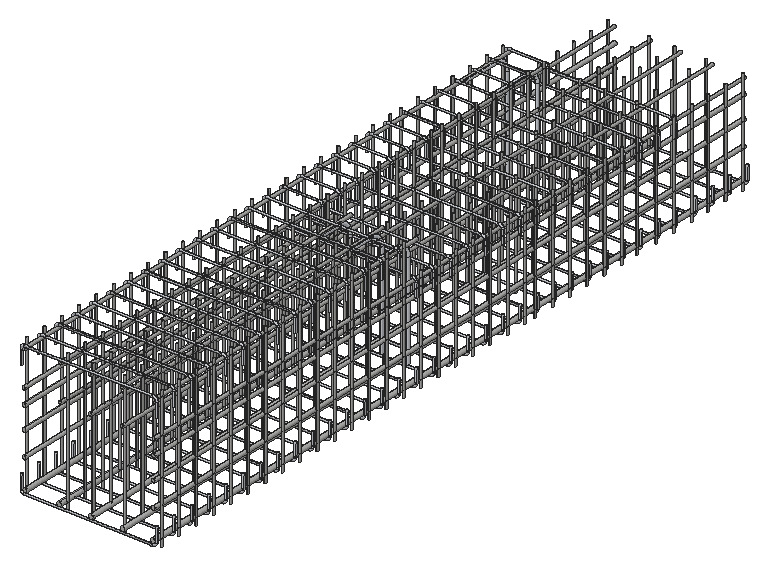
Revit family "261_Каркас пространственный КП4", category Обобщенные модели, Revit 2016 (continued)
Nested families
  nested 281: "361_Арматурная форма 3" at (505.477, 4500, 713.5) x (1, 0, 0) z (0, 1, 0), Орг.ИдентификацияЭлемента2 <- "Орг.ИдентификацияЭлемента2", Орг.ИдентификацияЭлемента1 <- "Орг.ИдентификацияЭлемента1", Орг.ИдентификацияЭлемента <- "Орг.ИдентификацияЭлемента", Мрк.МаркаКонструкции <- "Мрк.МаркаКонструкции", Мрк.МаркаИзделия3 <- "Мрк.МаркаИзделия3", Мрк.МаркаИзделия2 <- "Мрк.МаркаИзделия2", Мрк.МаркаИзделия1 <- "Мрк.МаркаИзделия1", Мрк.МаркаИзделия <- "Мрк.МаркаИзделия", Орг.УровеньТекстовый <- "Орг.УровеньТекстовый", Орг.ОбознчТома(Комплекта) <- "Орг.ОбознчТома(Комплекта)", Орг.НомерЛистаЭлемента <- "Орг.НомерЛистаЭлемента", type "Параметрический"
    with Рзм.РасчетныйРадиус 22 mm, Рзм.Длина 1166.311 mm, Рзм.Диаметр 12 mm, Орг.УровеньТекстовый "", Орг.ОбознчТома(Комплекта) "", Орг.НомерЛистаЭлемента "", Орг.ИзделиеТипПодсчета 2, Орг.ИдентификацияЭлемента2 "", Орг.ИдентификацияЭлемента1 "", Орг.ИдентификацияЭлемента "", Мсв.Количество 1, Мрк.Обозначение "ГОСТ 5781-82", Мрк.Наименование "Ø12 А240 ГОСТ 5781-82", Мрк.МаркаКонструкции "", Мрк.МаркаИзделия3 "", Мрк.МаркаИзделия2 "", Мрк.МаркаИзделия1 "", Мрк.МаркаИзделия "Каркас пространственный КП 4", Мрк.Марка "5", Арм.РазмерR 16 mm, Арм.РазмерJ 0 mm, Арм.РазмерG 0 mm, Арм.РазмерF 0 mm, Арм.РазмерE 0 mm, Арм.РазмерD 0 mm, Арм.РазмерC 120 mm, Арм.РазмерB 940.046 mm, Арм.РазмерA 120 mm, Арм.ПогМетрыВкл no, Арм.КоэфНахлеста 1, Арм.Класс 1240
  nested 282: "361_Арматурная форма 3" at (505.5, 4670, 38) x (1, 0, 0) z (0, 1, 0), Орг.ИдентификацияЭлемента2 <- "Орг.ИдентификацияЭлемента2", Орг.ИдентификацияЭлемента1 <- "Орг.ИдентификацияЭлемента1", Орг.ИдентификацияЭлемента <- "Орг.ИдентификацияЭлемента", Мрк.МаркаКонструкции <- "Мрк.МаркаКонструкции", Мрк.МаркаИзделия3 <- "Мрк.МаркаИзделия3", Мрк.МаркаИзделия2 <- "Мрк.МаркаИзделия2", Мрк.МаркаИзделия1 <- "Мрк.МаркаИзделия1", Мрк.МаркаИзделия <- "Мрк.МаркаИзделия", Орг.УровеньТекстовый <- "Орг.УровеньТекстовый", Орг.ОбознчТома(Комплекта) <- "Орг.ОбознчТома(Комплекта)", Орг.НомерЛистаЭлемента <- "Орг.НомерЛистаЭлемента", type "Параметрический"
    with Рзм.РасчетныйРадиус 22 mm, Рзм.Длина 1166.265 mm, Рзм.Диаметр 12 mm, Орг.УровеньТекстовый "", Орг.ОбознчТома(Комплекта) "", Орг.НомерЛистаЭлемента "", Орг.ИзделиеТипПодсчета 2, Орг.ИдентификацияЭлемента2 "", Орг.ИдентификацияЭлемента1 "", Орг.ИдентификацияЭлемента "", Мсв.Количество 1, Мрк.Обозначение "ГОСТ 5781-82", Мрк.Наименование "Ø12 А240 ГОСТ 5781-82", Мрк.МаркаКонструкции "", Мрк.МаркаИзделия3 "", Мрк.МаркаИзделия2 "", Мрк.МаркаИзделия1 "", Мрк.МаркаИзделия "Каркас пространственный КП 4", Мрк.Марка "5", Арм.РазмерR 16 mm, Арм.РазмерJ 0 mm, Арм.РазмерG 0 mm, Арм.РазмерF 0 mm, Арм.РазмерE 0 mm, Арм.РазмерD 0 mm, Арм.РазмерC 120 mm, Арм.РазмерB 940 mm, Арм.РазмерA 120 mm, Арм.ПогМетрыВкл no, Арм.КоэфНахлеста 1, Арм.Класс 1240
  nested 283: "361_Арматурная форма 3" at (180.454, 4200, 960) x (1, 0, 0) z (0, 1, 0), Орг.ИдентификацияЭлемента2 <- "Орг.ИдентификацияЭлемента2", Орг.ИдентификацияЭлемента1 <- "Орг.ИдентификацияЭлемента1", Орг.ИдентификацияЭлемента <- "Орг.ИдентификацияЭлемента", Мрк.МаркаКонструкции <- "Мрк.МаркаКонструкции", Мрк.МаркаИзделия3 <- "Мрк.МаркаИзделия3", Мрк.МаркаИзделия2 <- "Мрк.МаркаИзделия2", Мрк.МаркаИзделия1 <- "Мрк.МаркаИзделия1", Мрк.МаркаИзделия <- "Мрк.МаркаИзделия", Орг.УровеньТекстовый <- "Орг.УровеньТекстовый", Орг.ОбознчТома(Комплекта) <- "Орг.ОбознчТома(Комплекта)", Орг.НомерЛистаЭлемента <- "Орг.НомерЛистаЭлемента", type "Параметрический"
    with Рзм.РасчетныйРадиус 22 mm, Рзм.Длина 516.265 mm, Рзм.Диаметр 12 mm, Орг.УровеньТекстовый "", Орг.ОбознчТома(Комплекта) "", Орг.НомерЛистаЭлемента "", Орг.ИзделиеТипПодсчета 2, Орг.ИдентификацияЭлемента2 "", Орг.ИдентификацияЭлемента1 "", Орг.ИдентификацияЭлемента "", Мсв.Количество 1, Мрк.Обозначение "ГОСТ 5781-82", Мрк.Наименование "Ø12 А240 ГОСТ 5781-82", Мрк.МаркаКонструкции "", Мрк.МаркаИзделия3 "", Мрк.МаркаИзделия2 "", Мрк.МаркаИзделия1 "", Мрк.МаркаИзделия "Каркас пространственный КП 4", Мрк.Марка "6", Арм.РазмерR 16 mm, Арм.РазмерJ 0 mm, Арм.РазмерG 0 mm, Арм.РазмерF 0 mm, Арм.РазмерE 0 mm, Арм.РазмерD 0 mm, Арм.РазмерC 120 mm, Арм.РазмерB 290 mm, Арм.РазмерA 120 mm, Арм.ПогМетрыВкл no, Арм.КоэфНахлеста 1, Арм.Класс 1240
  nested 284: "361_Арматурная форма 3" at (505.5, 4820, 38) x (1, 0, 0) z (0, 1, 0), Орг.ИдентификацияЭлемента2 <- "Орг.ИдентификацияЭлемента2", Орг.ИдентификацияЭлемента1 <- "Орг.ИдентификацияЭлемента1", Орг.ИдентификацияЭлемента <- "Орг.ИдентификацияЭлемента", Мрк.МаркаКонструкции <- "Мрк.МаркаКонструкции", Мрк.МаркаИзделия3 <- "Мрк.МаркаИзделия3", Мрк.МаркаИзделия2 <- "Мрк.МаркаИзделия2", Мрк.МаркаИзделия1 <- "Мрк.МаркаИзделия1", Мрк.МаркаИзделия <- "Мрк.МаркаИзделия", Орг.УровеньТекстовый <- "Орг.УровеньТекстовый", Орг.ОбознчТома(Комплекта) <- "Орг.ОбознчТома(Комплекта)", Орг.НомерЛистаЭлемента <- "Орг.НомерЛистаЭлемента", type "Параметрический"
    with Рзм.РасчетныйРадиус 22 mm, Рзм.Длина 1166.265 mm, Рзм.Диаметр 12 mm, Орг.УровеньТекстовый "", Орг.ОбознчТома(Комплекта) "", Орг.НомерЛистаЭлемента "", Орг.ИзделиеТипПодсчета 2, Орг.ИдентификацияЭлемента2 "", Орг.ИдентификацияЭлемента1 "", Орг.ИдентификацияЭлемента "", Мсв.Количество 1, Мрк.Обозначение "ГОСТ 5781-82", Мрк.Наименование "Ø12 А240 ГОСТ 5781-82", Мрк.МаркаКонструкции "", Мрк.МаркаИзделия3 "", Мрк.МаркаИзделия2 "", Мрк.МаркаИзделия1 "", Мрк.МаркаИзделия "Каркас пространственный КП 4", Мрк.Марка "5", Арм.РазмерR 16 mm, Арм.РазмерJ 0 mm, Арм.РазмерG 0 mm, Арм.РазмерF 0 mm, Арм.РазмерE 0 mm, Арм.РазмерD 0 mm, Арм.РазмерC 120 mm, Арм.РазмерB 940 mm, Арм.РазмерA 120 mm, Арм.ПогМетрыВкл no, Арм.КоэфНахлеста 1, Арм.Класс 1240
  nested 285: "361_Арматурная форма 3" at (505.5, 4970, 38) x (1, 0, 0) z (0, 1, 0), Орг.ИдентификацияЭлемента2 <- "Орг.ИдентификацияЭлемента2", Орг.ИдентификацияЭлемента1 <- "Орг.ИдентификацияЭлемента1", Орг.ИдентификацияЭлемента <- "Орг.ИдентификацияЭлемента", Мрк.МаркаКонструкции <- "Мрк.МаркаКонструкции", Мрк.МаркаИзделия3 <- "Мрк.МаркаИзделия3", Мрк.МаркаИзделия2 <- "Мрк.МаркаИзделия2", Мрк.МаркаИзделия1 <- "Мрк.МаркаИзделия1", Мрк.МаркаИзделия <- "Мрк.МаркаИзделия", Орг.УровеньТекстовый <- "Орг.УровеньТекстовый", Орг.ОбознчТома(Комплекта) <- "Орг.ОбознчТома(Комплекта)", Орг.НомерЛистаЭлемента <- "Орг.НомерЛистаЭлемента", type "Параметрический"
    with Рзм.РасчетныйРадиус 22 mm, Рзм.Длина 1166.265 mm, Рзм.Диаметр 12 mm, Орг.УровеньТекстовый "", Орг.ОбознчТома(Комплекта) "", Орг.НомерЛистаЭлемента "", Орг.ИзделиеТипПодсчета 2, Орг.ИдентификацияЭлемента2 "", Орг.ИдентификацияЭлемента1 "", Орг.ИдентификацияЭлемента "", Мсв.Количество 1, Мрк.Обозначение "ГОСТ 5781-82", Мрк.Наименование "Ø12 А240 ГОСТ 5781-82", Мрк.МаркаКонструкции "", Мрк.МаркаИзделия3 "", Мрк.МаркаИзделия2 "", Мрк.МаркаИзделия1 "", Мрк.МаркаИзделия "Каркас пространственный КП 4", Мрк.Марка "5", Арм.РазмерR 16 mm, Арм.РазмерJ 0 mm, Арм.РазмерG 0 mm, Арм.РазмерF 0 mm, Арм.РазмерE 0 mm, Арм.РазмерD 0 mm, Арм.РазмерC 120 mm, Арм.РазмерB 940 mm, Арм.РазмерA 120 mm, Арм.ПогМетрыВкл no, Арм.КоэфНахлеста 1, Арм.Класс 1240
  nested 286: "361_Арматурная форма 3" at (505.5, 5120, 38) x (1, 0, 0) z (0, 1, 0), Орг.ИдентификацияЭлемента2 <- "Орг.ИдентификацияЭлемента2", Орг.ИдентификацияЭлемента1 <- "Орг.ИдентификацияЭлемента1", Орг.ИдентификацияЭлемента <- "Орг.ИдентификацияЭлемента", Мрк.МаркаКонструкции <- "Мрк.МаркаКонструкции", Мрк.МаркаИзделия3 <- "Мрк.МаркаИзделия3", Мрк.МаркаИзделия2 <- "Мрк.МаркаИзделия2", Мрк.МаркаИзделия1 <- "Мрк.МаркаИзделия1", Мрк.МаркаИзделия <- "Мрк.МаркаИзделия", Орг.УровеньТекстовый <- "Орг.УровеньТекстовый", Орг.ОбознчТома(Комплекта) <- "Орг.ОбознчТома(Комплекта)", Орг.НомерЛистаЭлемента <- "Орг.НомерЛистаЭлемента", type "Параметрический"
    with Рзм.РасчетныйРадиус 22 mm, Рзм.Длина 1166.265 mm, Рзм.Диаметр 12 mm, Орг.УровеньТекстовый "", Орг.ОбознчТома(Комплекта) "", Орг.НомерЛистаЭлемента "", Орг.ИзделиеТипПодсчета 2, Орг.ИдентификацияЭлемента2 "", Орг.ИдентификацияЭлемента1 "", Орг.ИдентификацияЭлемента "", Мсв.Количество 1, Мрк.Обозначение "ГОСТ 5781-82", Мрк.Наименование "Ø12 А240 ГОСТ 5781-82", Мрк.МаркаКонструкции "", Мрк.МаркаИзделия3 "", Мрк.МаркаИзделия2 "", Мрк.МаркаИзделия1 "", Мрк.МаркаИзделия "Каркас пространственный КП 4", Мрк.Марка "5", Арм.РазмерR 16 mm, Арм.РазмерJ 0 mm, Арм.РазмерG 0 mm, Арм.РазмерF 0 mm, Арм.РазмерE 0 mm, Арм.РазмерD 0 mm, Арм.РазмерC 120 mm, Арм.РазмерB 940 mm, Арм.РазмерA 120 mm, Арм.ПогМетрыВкл no, Арм.КоэфНахлеста 1, Арм.Класс 1240
Definition of nested family "361_Арматурная форма 1"
  Parameters (values of type "Параметрический")
    Рзм.Длина [instance] = Арм.РазмерA  # 495 mm
    Рзм.Диаметр [instance] = 10 mm
    Default Elevation = 100 mm
    Орг.УровеньТекстовый [instance] = ""
    Орг.ОбознчТома(Комплекта) [instance] = ""
    Орг.НомерЛистаЭлемента [instance] = ""
    Орг.ИзделиеТипПодсчета [instance] = 1
    Орг.ИдентификацияЭлемента1 [instance] = ""
    Орг.ИдентификацияЭлемента [instance] = ""
    Мсв.Количество = 1  # constant formula
    Мрк.Обозначение [instance] = if(Арм.Класс = 1240, "ГОСТ 5781-82", if(Арм.Класс = 1400, "ГОСТ 5781-82", if(Арм.Класс = 150019, " ГОСТ Р 52544-2006", if(Арм.Класс = 160019, " СТО АСЧМ 7-93", "Арматура не специфицирована"))))  # "ГОСТ 5781-82"
    Мрк.Наименование [instance] = if(and(Арм.Класс = 1240, Рзм.Диаметр = 6 mm), "Ø6 А240 ГОСТ 5781-82", if(and(Арм.Класс = 1240, Рзм.Диаметр = 8 mm), "Ø8 А240 ГОСТ 5781-82", if(and(Арм.Класс = 1240, Рзм.Диаметр = 10 mm), "Ø10 А240 ГОСТ 5781-82", if(and(Арм.Класс = 1240, Рзм.Диаметр = 12 mm), "Ø12 А240 ГОСТ 5781-82", if(and(Арм.Класс = 1240, Рзм.Диаметр = 14 mm), "Ø14 А240 ГОСТ 5781-82", if(and(Арм.Класс = 1240, Рзм.Диаметр = 16 mm), "Ø16 А240 ГОСТ 5781-82", if(and(Арм.Класс = 1240, Рзм.Диаметр = 18 mm), "Ø18 А240 ГОСТ 5781-82", if(and(Арм.Класс = 1240, Рзм.Диаметр = 20 mm), "Ø20 А240 ГОСТ 5781-82", if(and(Арм.Класс = 1400, Рзм.Диаметр = 6 mm), "Ø6 А400 ГОСТ 5781-82", if(and(Арм.Класс = 1400, Рзм.Диаметр = 8 mm), "Ø8 А400 ГОСТ 5781-82", if(and(Арм.Класс = 1400, Рзм.Диаметр = 10 mm), "Ø10 А400 ГОСТ 5781-82", if(and(Арм.Класс = 1400, Рзм.Диаметр = 12 mm), "Ø12 А400 ГОСТ 5781-82", if(and(Арм.Класс = 1400, Рзм.Диаметр = 14 mm), "Ø14 А400 ГОСТ 5781-82", if(and(Арм.Класс = 1400, Рзм.Диаметр = 16 mm), "Ø16 А400 ГОСТ 5781-82", if(and(Арм.Класс = 1400, Рзм.Диаметр = 18 mm), "Ø18 А400 ГОСТ 5781-82", if(and(Арм.Класс = 1400, Рзм.Диаметр = 20 mm), "Ø20 А400 ГОСТ 5781-82", if(and(Арм.Класс = 1400, Рзм.Диаметр = 22 mm), "Ø22 А400 ГОСТ 5781-82", if(and(Арм.Класс = 1400, Рзм.Диаметр = 25 mm), "Ø25 А400 ГОСТ 5781-82", if(and(Арм.Класс = 1400, Рзм.Диаметр = 28 mm), "Ø28 А400 ГОСТ 5781-82", if(and(Арм.Класс = 1400, Рзм.Диаметр = 32 mm), "Ø32 А400 ГОСТ 5781-82", if(and(Арм.Класс = 1400, Рзм.Диаметр = 36 mm), "Ø36 А400 ГОСТ 5781-82", if(and(Арм.Класс = 1400, Рзм.Диаметр = 40 mm), "Ø40 А400 ГОСТ 5781-82", if(and(Арм.Класс = 150019, Рзм.Диаметр = 10 mm), "Ø10 А500С ГОСТ Р 52544-2006", if(and(Арм.Класс = 150019, Рзм.Диаметр = 12 mm), "Ø12 А500С ГОСТ Р 52544-2006", if(and(Арм.Класс = 150019, Рзм.Диаметр = 14 mm), "Ø14 А500С ГОСТ Р 52544-2006", if(and(Арм.Класс = 150019, Рзм.Диаметр = 16 mm), "Ø16 А500С ГОСТ Р 52544-2006", if(and(Арм.Класс = 150019, Рзм.Диаметр = 18 mm), "Ø18 А500С ГОСТ Р 52544-2006", if(and(Арм.Класс = 150019, Рзм.Диаметр = 20 mm), "Ø20 А500С ГОСТ Р 52544-2006", if(and(Арм.Класс = 150019, Рзм.Диаметр = 22 mm), "Ø22 А500С ГОСТ Р 52544-2006", if(and(Арм.Класс = 150019, Рзм.Диаметр = 25 mm), "Ø25 А500С ГОСТ Р 52544-2006", if(and(Арм.Класс = 150019, Рзм.Диаметр = 28 mm), "Ø28 А500С ГОСТ Р 52544-2006", if(and(Арм.Класс = 150019, Рзм.Диаметр = 32 mm), "Ø32 А500С ГОСТ Р 52544-2006", if(and(Арм.Класс = 150019, Рзм.Диаметр = 36 mm), "Ø36 А500С ГОСТ Р 52544-2006", if(and(Арм.Класс = 150019, Рзм.Диаметр = 40 mm), "Ø40 А500С ГОСТ Р 52544-2006", if(and(Арм.Класс = 160019, Рзм.Диаметр = 10 mm), "Ø10 А600С СТО АСЧМ 7-93", if(and(Арм.Класс = 160019, Рзм.Диаметр = 12 mm), "Ø12 А600С СТО АСЧМ 7-93", if(and(Арм.Класс = 160019, Рзм.Диаметр = 14 mm), "Ø14 А600С СТО АСЧМ 7-93", if(and(Арм.Класс = 160019, Рзм.Диаметр = 16 mm), "Ø16 А600С СТО АСЧМ 7-93", if(and(Арм.Класс = 160019, Рзм.Диаметр = 18 mm), "Ø18 А600С СТО АСЧМ 7-93", if(and(Арм.Класс = 160019, Рзм.Диаметр = 20 mm), "Ø20 А600С СТО АСЧМ 7-93", if(and(Арм.Класс = 160019, Рзм.Диаметр = 22 mm), "Ø22 А600С СТО АСЧМ 7-93", if(and(Арм.Класс = 160019, Рзм.Диаметр = 25 mm), "Ø25 А600С СТО АСЧМ 7-93", if(and(Арм.Класс = 160019, Рзм.Диаметр = 28 mm), "Ø28 А600С СТО АСЧМ 7-93", if(and(Арм.Класс = 160019, Рзм.Диаметр = 32 mm), "Ø32 А600С СТО АСЧМ 7-93", if(and(Арм.Класс = 160019, Рзм.Диаметр = 36 mm), "Ø36 А600С СТО АСЧМ 7-93", if(and(Арм.Класс = 160019, Рзм.Диаметр = 40 mm), "Ø40 А600С СТО АСЧМ 7-93", "Арматура не специфицирована"))))))))))))))))))))))))))))))))))))))))))))))  # "Ø10 А240 ГОСТ 5781-82"
    Мрк.МаркаКонструкции [instance] = ""
    Мрк.МаркаИзделия3 [instance] = ""
    Мрк.МаркаИзделия2 [instance] = ""
    Мрк.МаркаИзделия1 [instance] = ""
    Мрк.МаркаИзделия [instance] = ""
    Мрк.Марка [instance] = ""
    Type Comments = ""
    Арм.РазмерR [instance] = 0 mm
    Арм.РазмерJ [instance] = 0 mm
    Арм.РазмерG [instance] = 0 mm
    Арм.РазмерF [instance] = 0 mm
    Арм.РазмерE [instance] = 0 mm
    Арм.РазмерD [instance] = 0 mm
    Арм.РазмерC [instance] = 0 mm
    Арм.РазмерB [instance] = 0 mm
    Арм.РазмерA [instance] = 495 mm
    Арм.ПогМетрыВкл [instance] = no
    Арм.КоэфНахлеста [instance] = 1
    Арм.Класс [instance] = 1240
    Арм.ВыполненаСемейством = 1 = 1  # yes
  Reference planes
    plane 1 "Вперед/Назад": y = 0
    plane 2 "Опорный уровень": z = 0
    plane 3: x = 0
    plane 4 "Правая": x = 247.5
    plane 5 "Левая": x = -247.5
  Forms (mm)
    Sweep 1, solid, detail levels medium+fine
      path origin (0, 0, 0) x (1, 0, 0) y (0, 1, 0)
        loop
          line (-247.5, 0) -> (247.5, 0)
      profile origin (0, 0, 0) x (0, 1, 0) y (0, 0, 1)
        loop
          circle (0, 0) r 5
  Dimensions and locks
    "Арм.РазмерA": plane 5 "Левая" to plane 4 "Правая"
    equal spacing: plane 5 "Левая", plane 3, plane 4 "Правая"
    "Рзм.Диаметр": diameter of Sweep 1 sketch curve
    aligned and locked: plane 4 "Правая" to Sweep 1 sketch curve
    aligned and locked: plane 1 "Вперед/Назад" to Sweep 1 sketch curve
    aligned and locked: plane 5 "Левая" to Sweep 1 sketch curve
  Automatic sketch dimensions
    Sweep 1 sketch curve to level = 0 mm
    Sweep 1 sketch curve to profile plane = 0 mm
  Nested families
    nested 1: "Разрез сетржня" at (0, 0, 0) x (0, -1, 0) z (1, 0, 0), type "Разрез сетржня", detail levels medium+fine
      with Диаметр 10 mm
  Definition of nested family "Разрез сетржня"
    Parameters (values of type "Разрез сетржня")
      Диаметр = 600 mm
    Reference planes
      plane 1 "По центру (Вперед/Назад)": y = 0
      plane 2: z = 0
      plane 3 "По центру (Влево/Вправо)": x = 0
    Lines and regions (mm)
      Filled region 1, type "Сплошная заливка - Черный", in view "Опорный уровень"
        outline origin (0, 0, 0) x (1, 0, 0) y (0, 1, 0)
          loop
            circle (0, 0) r 300
      detail lines, in view "Опорный уровень"
        curve 1: circle (0, 0, 0) r 300 normal (0, 0, 1)
    Dimensions and locks
      "Диаметр": diameter of curve 1
      aligned and locked: Filled region 1 sketch curve to curve 1
    Automatic sketch dimensions
      plane 1 "По центру (Вперед/Назад)" to curve 1 = 0 mm
      curve 1 to plane 3 "По центру (Влево/Вправо)" = 0 mm
Definition of nested family "361_Арматурная форма 2"
  Parameters (values of type "Параметрический")
    Рзм.РасчетныйРадиус [instance] = Арм.РазмерR + Рзм.Диаметр / 2  # 105 mm
    Рзм.Длина [instance] = Арм.РазмерA + Арм.РазмерB - 2 * (Арм.РазмерR * tan(90.00° / 2)) + ((Арм.РазмерR * pi() * 90.00°) / 180.00°)  # 972.08 mm
    Рзм.Диаметр [instance] = 10 mm
    Default Elevation = 1219.2 mm
    Орг.УровеньТекстовый [instance] = ""
    Орг.ОбознчТома(Комплекта) [instance] = ""
    Орг.НомерЛистаЭлемента [instance] = ""
    Орг.ИзделиеТипПодсчета [instance] = 0
    Орг.ИдентификацияЭлемента2 [instance] = ""
    Орг.ИдентификацияЭлемента1 [instance] = ""
    Орг.ИдентификацияЭлемента [instance] = ""
    Мсв.Количество [instance] = 1  # constant formula
    Мрк.Обозначение [instance] = if(Арм.Класс = 1240, "ГОСТ 5781-82", if(Арм.Класс = 1400, "ГОСТ 5781-82", if(Арм.Класс = 150019, " ГОСТ Р 52544-2006", if(Арм.Класс = 160019, " СТО АСЧМ 7-93", "Арматура не специфицирована"))))  # "ГОСТ 5781-82"
    Мрк.Наименование [instance] = if(and(Арм.Класс = 1240, Рзм.Диаметр = 6 mm), "Ø6 А240 ГОСТ 5781-82", if(and(Арм.Класс = 1240, Рзм.Диаметр = 8 mm), "Ø8 А240 ГОСТ 5781-82", if(and(Арм.Класс = 1240, Рзм.Диаметр = 10 mm), "Ø10 А240 ГОСТ 5781-82", if(and(Арм.Класс = 1240, Рзм.Диаметр = 12 mm), "Ø12 А240 ГОСТ 5781-82", if(and(Арм.Класс = 1240, Рзм.Диаметр = 14 mm), "Ø14 А240 ГОСТ 5781-82", if(and(Арм.Класс = 1240, Рзм.Диаметр = 16 mm), "Ø16 А240 ГОСТ 5781-82", if(and(Арм.Класс = 1240, Рзм.Диаметр = 18 mm), "Ø18 А240 ГОСТ 5781-82", if(and(Арм.Класс = 1240, Рзм.Диаметр = 20 mm), "Ø20 А240 ГОСТ 5781-82", if(and(Арм.Класс = 1400, Рзм.Диаметр = 6 mm), "Ø6 А400 ГОСТ 5781-82", if(and(Арм.Класс = 1400, Рзм.Диаметр = 8 mm), "Ø8 А400 ГОСТ 5781-82", if(and(Арм.Класс = 1400, Рзм.Диаметр = 10 mm), "Ø10 А400 ГОСТ 5781-82", if(and(Арм.Класс = 1400, Рзм.Диаметр = 12 mm), "Ø12 А400 ГОСТ 5781-82", if(and(Арм.Класс = 1400, Рзм.Диаметр = 14 mm), "Ø14 А400 ГОСТ 5781-82", if(and(Арм.Класс = 1400, Рзм.Диаметр = 16 mm), "Ø16 А400 ГОСТ 5781-82", if(and(Арм.Класс = 1400, Рзм.Диаметр = 18 mm), "Ø18 А400 ГОСТ 5781-82", if(and(Арм.Класс = 1400, Рзм.Диаметр = 20 mm), "Ø20 А400 ГОСТ 5781-82", if(and(Арм.Класс = 1400, Рзм.Диаметр = 22 mm), "Ø22 А400 ГОСТ 5781-82", if(and(Арм.Класс = 1400, Рзм.Диаметр = 25 mm), "Ø25 А400 ГОСТ 5781-82", if(and(Арм.Класс = 1400, Рзм.Диаметр = 28 mm), "Ø28 А400 ГОСТ 5781-82", if(and(Арм.Класс = 1400, Рзм.Диаметр = 32 mm), "Ø32 А400 ГОСТ 5781-82", if(and(Арм.Класс = 1400, Рзм.Диаметр = 36 mm), "Ø36 А400 ГОСТ 5781-82", if(and(Арм.Класс = 1400, Рзм.Диаметр = 40 mm), "Ø40 А400 ГОСТ 5781-82", if(and(Арм.Класс = 150019, Рзм.Диаметр = 10 mm), "Ø10 А500С ГОСТ Р 52544-2006", if(and(Арм.Класс = 150019, Рзм.Диаметр = 12 mm), "Ø12 А500С ГОСТ Р 52544-2006", if(and(Арм.Класс = 150019, Рзм.Диаметр = 14 mm), "Ø14 А500С ГОСТ Р 52544-2006", if(and(Арм.Класс = 150019, Рзм.Диаметр = 16 mm), "Ø16 А500С ГОСТ Р 52544-2006", if(and(Арм.Класс = 150019, Рзм.Диаметр = 18 mm), "Ø18 А500С ГОСТ Р 52544-2006", if(and(Арм.Класс = 150019, Рзм.Диаметр = 20 mm), "Ø20 А500С ГОСТ Р 52544-2006", if(and(Арм.Класс = 150019, Рзм.Диаметр = 22 mm), "Ø22 А500С ГОСТ Р 52544-2006", if(and(Арм.Класс = 150019, Рзм.Диаметр = 25 mm), "Ø25 А500С ГОСТ Р 52544-2006", if(and(Арм.Класс = 150019, Рзм.Диаметр = 28 mm), "Ø28 А500С ГОСТ Р 52544-2006", if(and(Арм.Класс = 150019, Рзм.Диаметр = 32 mm), "Ø32 А500С ГОСТ Р 52544-2006", if(and(Арм.Класс = 150019, Рзм.Диаметр = 36 mm), "Ø36 А500С ГОСТ Р 52544-2006", if(and(Арм.Класс = 150019, Рзм.Диаметр = 40 mm), "Ø40 А500С ГОСТ Р 52544-2006", if(and(Арм.Класс = 160019, Рзм.Диаметр = 10 mm), "Ø10 А600С СТО АСЧМ 7-93", if(and(Арм.Класс = 160019, Рзм.Диаметр = 12 mm), "Ø12 А600С СТО АСЧМ 7-93", if(and(Арм.Класс = 160019, Рзм.Диаметр = 14 mm), "Ø14 А600С СТО АСЧМ 7-93", if(and(Арм.Класс = 160019, Рзм.Диаметр = 16 mm), "Ø16 А600С СТО АСЧМ 7-93", if(and(Арм.Класс = 160019, Рзм.Диаметр = 18 mm), "Ø18 А600С СТО АСЧМ 7-93", if(and(Арм.Класс = 160019, Рзм.Диаметр = 20 mm), "Ø20 А600С СТО АСЧМ 7-93", if(and(Арм.Класс = 160019, Рзм.Диаметр = 22 mm), "Ø22 А600С СТО АСЧМ 7-93", if(and(Арм.Класс = 160019, Рзм.Диаметр = 25 mm), "Ø25 А600С СТО АСЧМ 7-93", if(and(Арм.Класс = 160019, Рзм.Диаметр = 28 mm), "Ø28 А600С СТО АСЧМ 7-93", if(and(Арм.Класс = 160019, Рзм.Диаметр = 32 mm), "Ø32 А600С СТО АСЧМ 7-93", if(and(Арм.Класс = 160019, Рзм.Диаметр = 36 mm), "Ø36 А600С СТО АСЧМ 7-93", if(and(Арм.Класс = 160019, Рзм.Диаметр = 40 mm), "Ø40 А600С СТО АСЧМ 7-93", "Арматура не специфицирована"))))))))))))))))))))))))))))))))))))))))))))))  # "Ø10 А240 ГОСТ 5781-82"
    Мрк.МаркаКонструкции [instance] = ""
    Мрк.МаркаИзделия3 [instance] = ""
    Мрк.МаркаИзделия2 [instance] = ""
    Мрк.МаркаИзделия1 [instance] = ""
    Мрк.МаркаИзделия [instance] = ""
    Мрк.Марка [instance] = ""
    Type Comments = ""
    Арм.ЭскизФормы = 0
    Арм.РазмерR [instance] = 100 mm
    Арм.РазмерJ [instance] = 0 mm
    Арм.РазмерG [instance] = 0 mm
    Арм.РазмерF [instance] = 0 mm
    Арм.РазмерE [instance] = 0 mm
    Арм.РазмерD [instance] = 0 mm
    Арм.РазмерC [instance] = 0 mm
    Арм.РазмерB [instance] = 520 mm
    Арм.РазмерA [instance] = 495 mm
    Арм.ПогМетрыВкл [instance] = no
    Арм.КоэфНахлеста [instance] = 1
    Арм.Класс [instance] = 1240
    Арм.ВыполненаСемейством = 1 = 1  # yes
  Reference planes
    plane 1 "Спереди": y = 0
    plane 2: z = 0
    plane 3 "Лево/Право": x = 0
    plane 4: x = 260
    plane 5: x = -260
    plane 6: y = -495
    plane 7: z = -5
    plane 8: z = 5
    plane 9: x = -265
    plane 10: x = -255
    plane 11: y = -5
    plane 12: y = 5
  Forms (mm)
    Sweep 1, solid, detail levels medium+fine
      path origin (0, 0, 0) x (1, 0, 0) y (0, 1, 0)
        loop
          line (-260, -495) -> (-260, -105)
          arc (-260, -105) -> (-229.246, -30.754) -> (-155, 0) r 105
          line (-155, 0) -> (260, 0)
      profile origin (-260, -300, 0) x (-1, 0, 0) y (0, 0, 1)
        loop
          circle (0, 0) r 5
  Dimensions and locks
    equal spacing: plane 5, plane 3 "Лево/Право", plane 4
    "Арм.РазмерA": plane 6 to plane 1 "Спереди"
    "Арм.РазмерB": plane 5 to plane 4
    equal spacing: plane 8, plane 2, plane 7
    "Рзм.Диаметр": plane 8 to plane 7
    equal spacing: plane 9, plane 5, plane 10
    "Рзм.Диаметр": plane 9 to plane 10
    equal spacing: plane 11, plane 1 "Спереди", plane 12
    "Рзм.Диаметр": plane 12 to plane 11
    "Рзм.Диаметр": diameter of Sweep 1 sketch curve
    "Рзм.РасчетныйРадиус": radius of Sweep 1 sketch curve
    aligned and locked: plane 6 to Sweep 1 sketch curve
    aligned and locked: plane 5 to nested 1
    aligned and locked: nested 1 to plane 2
    aligned and locked: plane 1 "Спереди" to nested 2
    aligned and locked: plane 2 to nested 2
    aligned and locked: plane 4 to Sweep 1 sketch curve
    aligned and locked: Sweep 1 sketch curve to plane 5
    aligned and locked: plane 1 "Спереди" to Sweep 1 sketch curve
  Automatic sketch dimensions
    Sweep 1 sketch curve to level = 0 mm
    Sweep 1 sketch curve to profile plane = 0 mm
  Nested families
    nested 1: "Разрез сетржня" at (-260, 0, 0) x (1, 0, 0) z (0, -1, 0), type "Разрез сетржня", detail levels medium+fine
      with Диаметр 10 mm
    nested 2: "Разрез сетржня" at (0, 0, 0) x (0, -1, 0) z (1, 0, 0), type "Разрез сетржня", detail levels medium+fine
      with Диаметр 10 mm
  Definition of nested family "Разрез сетржня"
    Parameters (values of type "Разрез сетржня")
      Диаметр = 600 mm
    Reference planes
      plane 1 "По центру (Вперед/Назад)": y = 0
      plane 2: z = 0
      plane 3 "По центру (Влево/Вправо)": x = 0
    Lines and regions (mm)
      Filled region 1, type "Сплошная заливка - Черный", in view "Опорный уровень"
        outline origin (0, 0, 0) x (1, 0, 0) y (0, 1, 0)
          loop
            circle (0, 0) r 300
      detail lines, in view "Опорный уровень"
        curve 1: circle (0, 0, 0) r 300 normal (0, 0, 1)
    Dimensions and locks
      "Диаметр": diameter of curve 1
      aligned and locked: Filled region 1 sketch curve to curve 1
    Automatic sketch dimensions
      plane 1 "По центру (Вперед/Назад)" to curve 1 = 0 mm
      curve 1 to plane 3 "По центру (Влево/Вправо)" = 0 mm
Definition of nested family "361_Арматурная форма 3"
  Parameters (values of type "Параметрический")
    Рзм.РасчетныйРадиус [instance] = Арм.РазмерR + Рзм.Диаметр / 2  # 105 mm
    Рзм.Длина [instance] = Арм.РазмерA + Арм.РазмерC + Арм.РазмерB - 4 * (Арм.РазмерR * tan(90.00° / 2)) + 2 * ((Арм.РазмерR * pi() * 90.00°) / 180.00°)  # 1929.159 mm
    Рзм.Диаметр [instance] = 10 mm
    Default Elevation = 100 mm
    Орг.УровеньТекстовый [instance] = ""
    Орг.ОбознчТома(Комплекта) [instance] = ""
    Орг.НомерЛистаЭлемента [instance] = ""
    Орг.ИзделиеТипПодсчета [instance] = 0
    Орг.ИдентификацияЭлемента2 [instance] = ""
    Орг.ИдентификацияЭлемента1 [instance] = ""
    Орг.ИдентификацияЭлемента [instance] = ""
    Мсв.Количество [instance] = 1  # constant formula
    Мрк.Обозначение [instance] = if(Арм.Класс = 1240, "ГОСТ 5781-82", if(Арм.Класс = 1400, "ГОСТ 5781-82", if(Арм.Класс = 150019, " ГОСТ Р 52544-2006", if(Арм.Класс = 160019, " СТО АСЧМ 7-93", "Арматура не специфицирована"))))  # "ГОСТ 5781-82"
    Мрк.Наименование [instance] = if(and(Арм.Класс = 1240, Рзм.Диаметр = 6 mm), "Ø6 А240 ГОСТ 5781-82", if(and(Арм.Класс = 1240, Рзм.Диаметр = 8 mm), "Ø8 А240 ГОСТ 5781-82", if(and(Арм.Класс = 1240, Рзм.Диаметр = 10 mm), "Ø10 А240 ГОСТ 5781-82", if(and(Арм.Класс = 1240, Рзм.Диаметр = 12 mm), "Ø12 А240 ГОСТ 5781-82", if(and(Арм.Класс = 1240, Рзм.Диаметр = 14 mm), "Ø14 А240 ГОСТ 5781-82", if(and(Арм.Класс = 1240, Рзм.Диаметр = 16 mm), "Ø16 А240 ГОСТ 5781-82", if(and(Арм.Класс = 1240, Рзм.Диаметр = 18 mm), "Ø18 А240 ГОСТ 5781-82", if(and(Арм.Класс = 1240, Рзм.Диаметр = 20 mm), "Ø20 А240 ГОСТ 5781-82", if(and(Арм.Класс = 1400, Рзм.Диаметр = 6 mm), "Ø6 А400 ГОСТ 5781-82", if(and(Арм.Класс = 1400, Рзм.Диаметр = 8 mm), "Ø8 А400 ГОСТ 5781-82", if(and(Арм.Класс = 1400, Рзм.Диаметр = 10 mm), "Ø10 А400 ГОСТ 5781-82", if(and(Арм.Класс = 1400, Рзм.Диаметр = 12 mm), "Ø12 А400 ГОСТ 5781-82", if(and(Арм.Класс = 1400, Рзм.Диаметр = 14 mm), "Ø14 А400 ГОСТ 5781-82", if(and(Арм.Класс = 1400, Рзм.Диаметр = 16 mm), "Ø16 А400 ГОСТ 5781-82", if(and(Арм.Класс = 1400, Рзм.Диаметр = 18 mm), "Ø18 А400 ГОСТ 5781-82", if(and(Арм.Класс = 1400, Рзм.Диаметр = 20 mm), "Ø20 А400 ГОСТ 5781-82", if(and(Арм.Класс = 1400, Рзм.Диаметр = 22 mm), "Ø22 А400 ГОСТ 5781-82", if(and(Арм.Класс = 1400, Рзм.Диаметр = 25 mm), "Ø25 А400 ГОСТ 5781-82", if(and(Арм.Класс = 1400, Рзм.Диаметр = 28 mm), "Ø28 А400 ГОСТ 5781-82", if(and(Арм.Класс = 1400, Рзм.Диаметр = 32 mm), "Ø32 А400 ГОСТ 5781-82", if(and(Арм.Класс = 1400, Рзм.Диаметр = 36 mm), "Ø36 А400 ГОСТ 5781-82", if(and(Арм.Класс = 1400, Рзм.Диаметр = 40 mm), "Ø40 А400 ГОСТ 5781-82", if(and(Арм.Класс = 150019, Рзм.Диаметр = 10 mm), "Ø10 А500С ГОСТ Р 52544-2006", if(and(Арм.Класс = 150019, Рзм.Диаметр = 12 mm), "Ø12 А500С ГОСТ Р 52544-2006", if(and(Арм.Класс = 150019, Рзм.Диаметр = 14 mm), "Ø14 А500С ГОСТ Р 52544-2006", if(and(Арм.Класс = 150019, Рзм.Диаметр = 16 mm), "Ø16 А500С ГОСТ Р 52544-2006", if(and(Арм.Класс = 150019, Рзм.Диаметр = 18 mm), "Ø18 А500С ГОСТ Р 52544-2006", if(and(Арм.Класс = 150019, Рзм.Диаметр = 20 mm), "Ø20 А500С ГОСТ Р 52544-2006", if(and(Арм.Класс = 150019, Рзм.Диаметр = 22 mm), "Ø22 А500С ГОСТ Р 52544-2006", if(and(Арм.Класс = 150019, Рзм.Диаметр = 25 mm), "Ø25 А500С ГОСТ Р 52544-2006", if(and(Арм.Класс = 150019, Рзм.Диаметр = 28 mm), "Ø28 А500С ГОСТ Р 52544-2006", if(and(Арм.Класс = 150019, Рзм.Диаметр = 32 mm), "Ø32 А500С ГОСТ Р 52544-2006", if(and(Арм.Класс = 150019, Рзм.Диаметр = 36 mm), "Ø36 А500С ГОСТ Р 52544-2006", if(and(Арм.Класс = 150019, Рзм.Диаметр = 40 mm), "Ø40 А500С ГОСТ Р 52544-2006", if(and(Арм.Класс = 160019, Рзм.Диаметр = 10 mm), "Ø10 А600С СТО АСЧМ 7-93", if(and(Арм.Класс = 160019, Рзм.Диаметр = 12 mm), "Ø12 А600С СТО АСЧМ 7-93", if(and(Арм.Класс = 160019, Рзм.Диаметр = 14 mm), "Ø14 А600С СТО АСЧМ 7-93", if(and(Арм.Класс = 160019, Рзм.Диаметр = 16 mm), "Ø16 А600С СТО АСЧМ 7-93", if(and(Арм.Класс = 160019, Рзм.Диаметр = 18 mm), "Ø18 А600С СТО АСЧМ 7-93", if(and(Арм.Класс = 160019, Рзм.Диаметр = 20 mm), "Ø20 А600С СТО АСЧМ 7-93", if(and(Арм.Класс = 160019, Рзм.Диаметр = 22 mm), "Ø22 А600С СТО АСЧМ 7-93", if(and(Арм.Класс = 160019, Рзм.Диаметр = 25 mm), "Ø25 А600С СТО АСЧМ 7-93", if(and(Арм.Класс = 160019, Рзм.Диаметр = 28 mm), "Ø28 А600С СТО АСЧМ 7-93", if(and(Арм.Класс = 160019, Рзм.Диаметр = 32 mm), "Ø32 А600С СТО АСЧМ 7-93", if(and(Арм.Класс = 160019, Рзм.Диаметр = 36 mm), "Ø36 А600С СТО АСЧМ 7-93", if(and(Арм.Класс = 160019, Рзм.Диаметр = 40 mm), "Ø40 А600С СТО АСЧМ 7-93", "Арматура не специфицирована"))))))))))))))))))))))))))))))))))))))))))))))  # "Ø10 А240 ГОСТ 5781-82"
    Мрк.МаркаКонструкции [instance] = ""
    Мрк.МаркаИзделия3 [instance] = ""
    Мрк.МаркаИзделия2 [instance] = ""
    Мрк.МаркаИзделия1 [instance] = ""
    Мрк.МаркаИзделия [instance] = ""
    Мрк.Марка [instance] = ""
    Type Comments = ""
    Арм.ЭскизФормы = 0
    Арм.РазмерR [instance] = 100 mm
    Арм.РазмерJ [instance] = 0 mm
    Арм.РазмерG [instance] = 0 mm
    Арм.РазмерF [instance] = 0 mm
    Арм.РазмерE [instance] = 0 mm
    Арм.РазмерD [instance] = 0 mm
    Арм.РазмерC [instance] = 1000 mm
    Арм.РазмерB [instance] = 520 mm
    Арм.РазмерA [instance] = 495 mm
    Арм.ПогМетрыВкл [instance] = no
    Арм.КоэфНахлеста [instance] = 1
    Арм.Класс [instance] = 1240
    Арм.ВыполненаСемейством = 1 = 1  # yes
  Reference planes
    plane 1 "Спереди": y = 0
    plane 2: z = 0
    plane 3 "Лево/Право": x = 0
    plane 4: x = 260
    plane 5: x = -260
    plane 6: y = -495
    plane 7: y = -1000
    plane 8: z = -5
    plane 9: z = 5
    plane 10: x = -265
    plane 11: x = -255
    plane 12: x = 255
    plane 13: x = 265
    plane 14: y = -5
    plane 15: y = 5
  Forms (mm)
    Sweep 1, solid, detail levels medium+fine
      path origin (0, 0, 0) x (1, 0, 0) y (0, 1, 0)
        loop
          line (-260, -495) -> (-260, -105)
          arc (-260, -105) -> (-229.246, -30.754) -> (-155, 0) r 105
          line (-155, 0) -> (155, 0)
          arc (155, 0) -> (229.246, -30.754) -> (260, -105) r 105
          line (260, -105) -> (260, -1000)
      profile origin (-260, -300, 0) x (-1, 0, 0) y (0, 0, 1)
        loop
          circle (0, 0) r 5
  Dimensions and locks
    equal spacing: plane 5, plane 3 "Лево/Право", plane 4
    "Арм.РазмерA": plane 6 to plane 1 "Спереди"
    "Арм.РазмерC": plane 7 to plane 1 "Спереди"
    "Арм.РазмерB": plane 5 to plane 4
    equal spacing: plane 9, plane 2, plane 8
    "Рзм.Диаметр": plane 9 to plane 8
    equal spacing: plane 10, plane 5, plane 11
    "Рзм.Диаметр": plane 10 to plane 11
    equal spacing: plane 12, plane 4, plane 13
    "Рзм.Диаметр": plane 12 to plane 13
    equal spacing: plane 14, plane 1 "Спереди", plane 15
    "Рзм.Диаметр": plane 15 to plane 14
    "Рзм.Диаметр": diameter of Sweep 1 sketch curve
    "Рзм.РасчетныйРадиус": radius of Sweep 1 sketch curve  (x2)
    aligned and locked: plane 6 to Sweep 1 sketch curve
    aligned and locked: plane 7 to Sweep 1 sketch curve
    aligned and locked: plane 5 to nested 1
    aligned and locked: nested 1 to plane 2
    aligned and locked: plane 4 to nested 2
    aligned and locked: nested 2 to plane 2
    aligned and locked: plane 1 "Спереди" to nested 3
    aligned and locked: plane 2 to nested 3
    aligned and locked: Sweep 1 sketch curve to plane 5
    aligned and locked: plane 1 "Спереди" to Sweep 1 sketch curve
    aligned and locked: Sweep 1 sketch curve to plane 4
  Automatic sketch dimensions
    Sweep 1 sketch curve to level = 0 mm
    Sweep 1 sketch curve to profile plane = 0 mm
  Nested families
    nested 1: "Разрез сетржня" at (-260, 0, 0) x (1, 0, 0) z (0, -1, 0), type "Разрез сетржня", detail levels medium+fine
      with Диаметр 10 mm
    nested 2: "Разрез сетржня" at (260, 0, 0) x (1, 0, 0) z (0, -1, 0), type "Разрез сетржня", detail levels medium+fine
      with Диаметр 10 mm
    nested 3: "Разрез сетржня" at (0, 0, 0) x (0, -1, 0) z (1, 0, 0), type "Разрез сетржня", detail levels medium+fine
      with Диаметр 10 mm
  Definition of nested family "Разрез сетржня"
    Parameters (values of type "Разрез сетржня")
      Диаметр = 600 mm
    Reference planes
      plane 1 "По центру (Вперед/Назад)": y = 0
      plane 2: z = 0
      plane 3 "По центру (Влево/Вправо)": x = 0
    Lines and regions (mm)
      Filled region 1, type "Сплошная заливка - Черный", in view "Опорный уровень"
        outline origin (0, 0, 0) x (1, 0, 0) y (0, 1, 0)
          loop
            circle (0, 0) r 300
      detail lines, in view "Опорный уровень"
        curve 1: circle (0, 0, 0) r 300 normal (0, 0, 1)
    Dimensions and locks
      "Диаметр": diameter of curve 1
      aligned and locked: Filled region 1 sketch curve to curve 1
    Automatic sketch dimensions
      plane 1 "По центру (Вперед/Назад)" to curve 1 = 0 mm
      curve 1 to plane 3 "По центру (Влево/Вправо)" = 0 mm
Definition of nested family "261_Каркас плоский КР 29"
  Parameters (values of type "261_Каркас плоский КР 29")
    Default Elevation = 1219.2 mm
    Орг.УровеньТекстовый [instance] = ""
    Орг.ОбознчТома(Комплекта) [instance] = ""
    Орг.НомерЛистаЭлемента [instance] = ""
    Орг.МассаИзделия = 0
    Орг.ИзделиеТипПодсчета [instance] = 0
    Орг.ИдентификацияЭлемента2 [instance] = ""
    Орг.ИдентификацияЭлемента1 [instance] = ""
    Орг.ИдентификацияЭлемента [instance] = ""
    Мрк.Обозначение [instance] = ""
    Мрк.Наименование [instance] = "Каркас плоский КР 29"
    Мрк.МаркаКонструкции [instance] = ""
    Мрк.МаркаИзделия3 [instance] = ""
    Мрк.МаркаИзделия2 [instance] = ""
    Мрк.МаркаИзделия1 [instance] = ""
    Мрк.МаркаИзделия [instance] = ""
    Мрк.Марка [instance] = "КР 29"
  Reference planes
    plane 1 "По центру (Вперед/Назад)": y = 0
    plane 2: z = 0
    plane 3 "По центру (Влево/Вправо)": x = 0
    plane 4: y = 1000
    plane 5: x = 5120
    plane 6 "Гнутый стержень": through (0, 940, 26) normal (0, 0.0074, 1)
  Dimensions and locks
    plane 3 "По центру (Влево/Вправо)" to plane 5 = 5120 mm
    plane 4 to plane 1 "По центру (Вперед/Назад)" = 1000 mm
    aligned and locked: level to plane 2
  Nested families
    nested 1: "361_Арматурная форма 1" at (45, 500, 0) x (0, 1, 0) z (0, 0, 1), Орг.ИдентификацияЭлемента1 <- "Орг.ИдентификацияЭлемента1", Орг.ИдентификацияЭлемента <- "Орг.ИдентификацияЭлемента", Мрк.МаркаКонструкции <- "Мрк.МаркаКонструкции", Мрк.МаркаИзделия3 <- "Мрк.МаркаИзделия3", Мрк.МаркаИзделия2 <- "Мрк.МаркаИзделия2", Мрк.МаркаИзделия1 <- "Мрк.МаркаИзделия1", Мрк.МаркаИзделия <- "Мрк.МаркаИзделия", Орг.УровеньТекстовый <- "Орг.УровеньТекстовый", Орг.ОбознчТома(Комплекта) <- "Орг.ОбознчТома(Комплекта)", Орг.НомерЛистаЭлемента <- "Орг.НомерЛистаЭлемента", type "Параметрический"
      with Рзм.Длина 970 mm, Рзм.Диаметр 12 mm, Орг.УровеньТекстовый "", Орг.ОбознчТома(Комплекта) "", Орг.НомерЛистаЭлемента "", Орг.ИзделиеТипПодсчета 2, Орг.ИдентификацияЭлемента1 "", Орг.ИдентификацияЭлемента "", Мрк.Обозначение "ГОСТ 5781-82", Мрк.Наименование "Ø12 А240 ГОСТ 5781-82", Мрк.МаркаКонструкции "", Мрк.МаркаИзделия3 "", Мрк.МаркаИзделия2 "", Мрк.МаркаИзделия1 "", Мрк.МаркаИзделия "", Мрк.Марка "6", Арм.РазмерR 0 mm, Арм.РазмерJ 0 mm, Арм.РазмерG 0 mm, Арм.РазмерF 0 mm, Арм.РазмерE 0 mm, Арм.РазмерD 0 mm, Арм.РазмерC 0 mm, Арм.РазмерB 0 mm, Арм.РазмерA 970 mm, Арм.ПогМетрыВкл no, Арм.КоэфНахлеста 1, Арм.Класс 1240
    nested 2: "361_Арматурная форма 2" at (4160, 560.084, 38.814) x (0, -1, 0.0074) z (0, 0.0074, 1), Орг.ИдентификацияЭлемента1 <- "Орг.ИдентификацияЭлемента1", Орг.ИдентификацияЭлемента <- "Орг.ИдентификацияЭлемента", Мрк.МаркаКонструкции <- "Мрк.МаркаКонструкции", Мрк.МаркаИзделия3 <- "Мрк.МаркаИзделия3", Мрк.МаркаИзделия2 <- "Мрк.МаркаИзделия2", Мрк.МаркаИзделия1 <- "Мрк.МаркаИзделия1", Мрк.МаркаИзделия <- "Мрк.МаркаИзделия", Орг.УровеньТекстовый <- "Орг.УровеньТекстовый", Орг.ОбознчТома(Комплекта) <- "Орг.ОбознчТома(Комплекта)", Орг.НомерЛистаЭлемента <- "Орг.НомерЛистаЭлемента", type "Параметрический"
      with Рзм.РасчетныйРадиус 90 mm, Рзм.Длина 1090.738 mm, Рзм.Диаметр 20 mm, Орг.УровеньТекстовый "", Орг.ОбознчТома(Комплекта) "", Орг.НомерЛистаЭлемента "", Орг.ИзделиеТипПодсчета 2, Орг.ИдентификацияЭлемента2 "", Орг.ИдентификацияЭлемента1 "", Орг.ИдентификацияЭлемента "", Мсв.Количество 1, Мрк.Обозначение "ГОСТ 5781-82", Мрк.Наименование "Ø20 А240 ГОСТ 5781-82", Мрк.МаркаКонструкции "", Мрк.МаркаИзделия3 "", Мрк.МаркаИзделия2 "", Мрк.МаркаИзделия1 "", Мрк.МаркаИзделия "", Мрк.Марка "8", Арм.РазмерR 80 mm, Арм.РазмерJ 0 mm, Арм.РазмерG 0 mm, Арм.РазмерF 0 mm, Арм.РазмерE 0 mm, Арм.РазмерD 0 mm, Арм.РазмерC 0 mm, Арм.РазмерB 760 mm, Арм.РазмерA 365.075 mm, Арм.ПогМетрыВкл no, Арм.КоэфНахлеста 1, Арм.Класс 1240
    nested 3: "361_Арматурная форма 1" at (195, 500, 0) x (0, 1, 0) z (0, 0, 1), Орг.ИдентификацияЭлемента1 <- "Орг.ИдентификацияЭлемента1", Орг.ИдентификацияЭлемента <- "Орг.ИдентификацияЭлемента", Мрк.МаркаКонструкции <- "Мрк.МаркаКонструкции", Мрк.МаркаИзделия3 <- "Мрк.МаркаИзделия3", Мрк.МаркаИзделия2 <- "Мрк.МаркаИзделия2", Мрк.МаркаИзделия1 <- "Мрк.МаркаИзделия1", Мрк.МаркаИзделия <- "Мрк.МаркаИзделия", Орг.УровеньТекстовый <- "Орг.УровеньТекстовый", Орг.ОбознчТома(Комплекта) <- "Орг.ОбознчТома(Комплекта)", Орг.НомерЛистаЭлемента <- "Орг.НомерЛистаЭлемента", type "Параметрический"
      with Рзм.Длина 970 mm, Рзм.Диаметр 12 mm, Орг.УровеньТекстовый "", Орг.ОбознчТома(Комплекта) "", Орг.НомерЛистаЭлемента "", Орг.ИзделиеТипПодсчета 2, Орг.ИдентификацияЭлемента1 "", Орг.ИдентификацияЭлемента "", Мрк.Обозначение "ГОСТ 5781-82", Мрк.Наименование "Ø12 А240 ГОСТ 5781-82", Мрк.МаркаКонструкции "", Мрк.МаркаИзделия3 "", Мрк.МаркаИзделия2 "", Мрк.МаркаИзделия1 "", Мрк.МаркаИзделия "", Мрк.Марка "6", Арм.РазмерR 0 mm, Арм.РазмерJ 0 mm, Арм.РазмерG 0 mm, Арм.РазмерF 0 mm, Арм.РазмерE 0 mm, Арм.РазмерD 0 mm, Арм.РазмерC 0 mm, Арм.РазмерB 0 mm, Арм.РазмерA 970 mm, Арм.ПогМетрыВкл no, Арм.КоэфНахлеста 1, Арм.Класс 1240
    nested 4: "361_Арматурная форма 1" at (345, 500, 0) x (0, 1, 0) z (0, 0, 1), Орг.ИдентификацияЭлемента1 <- "Орг.ИдентификацияЭлемента1", Орг.ИдентификацияЭлемента <- "Орг.ИдентификацияЭлемента", Мрк.МаркаКонструкции <- "Мрк.МаркаКонструкции", Мрк.МаркаИзделия3 <- "Мрк.МаркаИзделия3", Мрк.МаркаИзделия2 <- "Мрк.МаркаИзделия2", Мрк.МаркаИзделия1 <- "Мрк.МаркаИзделия1", Мрк.МаркаИзделия <- "Мрк.МаркаИзделия", Орг.УровеньТекстовый <- "Орг.УровеньТекстовый", Орг.ОбознчТома(Комплекта) <- "Орг.ОбознчТома(Комплекта)", Орг.НомерЛистаЭлемента <- "Орг.НомерЛистаЭлемента", type "Параметрический"
      with Рзм.Длина 970 mm, Рзм.Диаметр 12 mm, Орг.УровеньТекстовый "", Орг.ОбознчТома(Комплекта) "", Орг.НомерЛистаЭлемента "", Орг.ИзделиеТипПодсчета 2, Орг.ИдентификацияЭлемента1 "", Орг.ИдентификацияЭлемента "", Мрк.Обозначение "ГОСТ 5781-82", Мрк.Наименование "Ø12 А240 ГОСТ 5781-82", Мрк.МаркаКонструкции "", Мрк.МаркаИзделия3 "", Мрк.МаркаИзделия2 "", Мрк.МаркаИзделия1 "", Мрк.МаркаИзделия "", Мрк.Марка "6", Арм.РазмерR 0 mm, Арм.РазмерJ 0 mm, Арм.РазмерG 0 mm, Арм.РазмерF 0 mm, Арм.РазмерE 0 mm, Арм.РазмерD 0 mm, Арм.РазмерC 0 mm, Арм.РазмерB 0 mm, Арм.РазмерA 970 mm, Арм.ПогМетрыВкл no, Арм.КоэфНахлеста 1, Арм.Класс 1240
    nested 5: "361_Арматурная форма 1" at (495, 500, 0) x (0, 1, 0) z (0, 0, 1), Орг.ИдентификацияЭлемента1 <- "Орг.ИдентификацияЭлемента1", Орг.ИдентификацияЭлемента <- "Орг.ИдентификацияЭлемента", Мрк.МаркаКонструкции <- "Мрк.МаркаКонструкции", Мрк.МаркаИзделия3 <- "Мрк.МаркаИзделия3", Мрк.МаркаИзделия2 <- "Мрк.МаркаИзделия2", Мрк.МаркаИзделия1 <- "Мрк.МаркаИзделия1", Мрк.МаркаИзделия <- "Мрк.МаркаИзделия", Орг.УровеньТекстовый <- "Орг.УровеньТекстовый", Орг.ОбознчТома(Комплекта) <- "Орг.ОбознчТома(Комплекта)", Орг.НомерЛистаЭлемента <- "Орг.НомерЛистаЭлемента", type "Параметрический"
      with Рзм.Длина 970 mm, Рзм.Диаметр 12 mm, Орг.УровеньТекстовый "", Орг.ОбознчТома(Комплекта) "", Орг.НомерЛистаЭлемента "", Орг.ИзделиеТипПодсчета 2, Орг.ИдентификацияЭлемента1 "", Орг.ИдентификацияЭлемента "", Мрк.Обозначение "ГОСТ 5781-82", Мрк.Наименование "Ø12 А240 ГОСТ 5781-82", Мрк.МаркаКонструкции "", Мрк.МаркаИзделия3 "", Мрк.МаркаИзделия2 "", Мрк.МаркаИзделия1 "", Мрк.МаркаИзделия "", Мрк.Марка "6", Арм.РазмерR 0 mm, Арм.РазмерJ 0 mm, Арм.РазмерG 0 mm, Арм.РазмерF 0 mm, Арм.РазмерE 0 mm, Арм.РазмерD 0 mm, Арм.РазмерC 0 mm, Арм.РазмерB 0 mm, Арм.РазмерA 970 mm, Арм.ПогМетрыВкл no, Арм.КоэфНахлеста 1, Арм.Класс 1240
    nested 6: "361_Арматурная форма 1" at (645, 500, 0) x (0, 1, 0) z (0, 0, 1), Орг.ИдентификацияЭлемента1 <- "Орг.ИдентификацияЭлемента1", Орг.ИдентификацияЭлемента <- "Орг.ИдентификацияЭлемента", Мрк.МаркаКонструкции <- "Мрк.МаркаКонструкции", Мрк.МаркаИзделия3 <- "Мрк.МаркаИзделия3", Мрк.МаркаИзделия2 <- "Мрк.МаркаИзделия2", Мрк.МаркаИзделия1 <- "Мрк.МаркаИзделия1", Мрк.МаркаИзделия <- "Мрк.МаркаИзделия", Орг.УровеньТекстовый <- "Орг.УровеньТекстовый", Орг.ОбознчТома(Комплекта) <- "Орг.ОбознчТома(Комплекта)", Орг.НомерЛистаЭлемента <- "Орг.НомерЛистаЭлемента", type "Параметрический"
      with Рзм.Длина 970 mm, Рзм.Диаметр 12 mm, Орг.УровеньТекстовый "", Орг.ОбознчТома(Комплекта) "", Орг.НомерЛистаЭлемента "", Орг.ИзделиеТипПодсчета 2, Орг.ИдентификацияЭлемента1 "", Орг.ИдентификацияЭлемента "", Мрк.Обозначение "ГОСТ 5781-82", Мрк.Наименование "Ø12 А240 ГОСТ 5781-82", Мрк.МаркаКонструкции "", Мрк.МаркаИзделия3 "", Мрк.МаркаИзделия2 "", Мрк.МаркаИзделия1 "", Мрк.МаркаИзделия "", Мрк.Марка "6", Арм.РазмерR 0 mm, Арм.РазмерJ 0 mm, Арм.РазмерG 0 mm, Арм.РазмерF 0 mm, Арм.РазмерE 0 mm, Арм.РазмерD 0 mm, Арм.РазмерC 0 mm, Арм.РазмерB 0 mm, Арм.РазмерA 970 mm, Арм.ПогМетрыВкл no, Арм.КоэфНахлеста 1, Арм.Класс 1240
    nested 7: "361_Арматурная форма 1" at (795, 500, 0) x (0, 1, 0) z (0, 0, 1), Орг.ИдентификацияЭлемента1 <- "Орг.ИдентификацияЭлемента1", Орг.ИдентификацияЭлемента <- "Орг.ИдентификацияЭлемента", Мрк.МаркаКонструкции <- "Мрк.МаркаКонструкции", Мрк.МаркаИзделия3 <- "Мрк.МаркаИзделия3", Мрк.МаркаИзделия2 <- "Мрк.МаркаИзделия2", Мрк.МаркаИзделия1 <- "Мрк.МаркаИзделия1", Мрк.МаркаИзделия <- "Мрк.МаркаИзделия", Орг.УровеньТекстовый <- "Орг.УровеньТекстовый", Орг.ОбознчТома(Комплекта) <- "Орг.ОбознчТома(Комплекта)", Орг.НомерЛистаЭлемента <- "Орг.НомерЛистаЭлемента", type "Параметрический"
      with Рзм.Длина 970 mm, Рзм.Диаметр 12 mm, Орг.УровеньТекстовый "", Орг.ОбознчТома(Комплекта) "", Орг.НомерЛистаЭлемента "", Орг.ИзделиеТипПодсчета 2, Орг.ИдентификацияЭлемента1 "", Орг.ИдентификацияЭлемента "", Мрк.Обозначение "ГОСТ 5781-82", Мрк.Наименование "Ø12 А240 ГОСТ 5781-82", Мрк.МаркаКонструкции "", Мрк.МаркаИзделия3 "", Мрк.МаркаИзделия2 "", Мрк.МаркаИзделия1 "", Мрк.МаркаИзделия "", Мрк.Марка "6", Арм.РазмерR 0 mm, Арм.РазмерJ 0 mm, Арм.РазмерG 0 mm, Арм.РазмерF 0 mm, Арм.РазмерE 0 mm, Арм.РазмерD 0 mm, Арм.РазмерC 0 mm, Арм.РазмерB 0 mm, Арм.РазмерA 970 mm, Арм.ПогМетрыВкл no, Арм.КоэфНахлеста 1, Арм.Класс 1240
    nested 8: "361_Арматурная форма 1" at (945, 500, 0) x (0, 1, 0) z (0, 0, 1), Орг.ИдентификацияЭлемента1 <- "Орг.ИдентификацияЭлемента1", Орг.ИдентификацияЭлемента <- "Орг.ИдентификацияЭлемента", Мрк.МаркаКонструкции <- "Мрк.МаркаКонструкции", Мрк.МаркаИзделия3 <- "Мрк.МаркаИзделия3", Мрк.МаркаИзделия2 <- "Мрк.МаркаИзделия2", Мрк.МаркаИзделия1 <- "Мрк.МаркаИзделия1", Мрк.МаркаИзделия <- "Мрк.МаркаИзделия", Орг.УровеньТекстовый <- "Орг.УровеньТекстовый", Орг.ОбознчТома(Комплекта) <- "Орг.ОбознчТома(Комплекта)", Орг.НомерЛистаЭлемента <- "Орг.НомерЛистаЭлемента", type "Параметрический"
      with Рзм.Длина 970 mm, Рзм.Диаметр 12 mm, Орг.УровеньТекстовый "", Орг.ОбознчТома(Комплекта) "", Орг.НомерЛистаЭлемента "", Орг.ИзделиеТипПодсчета 2, Орг.ИдентификацияЭлемента1 "", Орг.ИдентификацияЭлемента "", Мрк.Обозначение "ГОСТ 5781-82", Мрк.Наименование "Ø12 А240 ГОСТ 5781-82", Мрк.МаркаКонструкции "", Мрк.МаркаИзделия3 "", Мрк.МаркаИзделия2 "", Мрк.МаркаИзделия1 "", Мрк.МаркаИзделия "", Мрк.Марка "6", Арм.РазмерR 0 mm, Арм.РазмерJ 0 mm, Арм.РазмерG 0 mm, Арм.РазмерF 0 mm, Арм.РазмерE 0 mm, Арм.РазмерD 0 mm, Арм.РазмерC 0 mm, Арм.РазмерB 0 mm, Арм.РазмерA 970 mm, Арм.ПогМетрыВкл no, Арм.КоэфНахлеста 1, Арм.Класс 1240
    nested 9: "361_Арматурная форма 1" at (1095, 500, 0) x (0, 1, 0) z (0, 0, 1), Орг.ИдентификацияЭлемента1 <- "Орг.ИдентификацияЭлемента1", Орг.ИдентификацияЭлемента <- "Орг.ИдентификацияЭлемента", Мрк.МаркаКонструкции <- "Мрк.МаркаКонструкции", Мрк.МаркаИзделия3 <- "Мрк.МаркаИзделия3", Мрк.МаркаИзделия2 <- "Мрк.МаркаИзделия2", Мрк.МаркаИзделия1 <- "Мрк.МаркаИзделия1", Мрк.МаркаИзделия <- "Мрк.МаркаИзделия", Орг.УровеньТекстовый <- "Орг.УровеньТекстовый", Орг.ОбознчТома(Комплекта) <- "Орг.ОбознчТома(Комплекта)", Орг.НомерЛистаЭлемента <- "Орг.НомерЛистаЭлемента", type "Параметрический"
      with Рзм.Длина 970 mm, Рзм.Диаметр 12 mm, Орг.УровеньТекстовый "", Орг.ОбознчТома(Комплекта) "", Орг.НомерЛистаЭлемента "", Орг.ИзделиеТипПодсчета 2, Орг.ИдентификацияЭлемента1 "", Орг.ИдентификацияЭлемента "", Мрк.Обозначение "ГОСТ 5781-82", Мрк.Наименование "Ø12 А240 ГОСТ 5781-82", Мрк.МаркаКонструкции "", Мрк.МаркаИзделия3 "", Мрк.МаркаИзделия2 "", Мрк.МаркаИзделия1 "", Мрк.МаркаИзделия "", Мрк.Марка "6", Арм.РазмерR 0 mm, Арм.РазмерJ 0 mm, Арм.РазмерG 0 mm, Арм.РазмерF 0 mm, Арм.РазмерE 0 mm, Арм.РазмерD 0 mm, Арм.РазмерC 0 mm, Арм.РазмерB 0 mm, Арм.РазмерA 970 mm, Арм.ПогМетрыВкл no, Арм.КоэфНахлеста 1, Арм.Класс 1240
    nested 10: "361_Арматурная форма 1" at (1245, 500, 0) x (0, 1, 0) z (0, 0, 1), Орг.ИдентификацияЭлемента1 <- "Орг.ИдентификацияЭлемента1", Орг.ИдентификацияЭлемента <- "Орг.ИдентификацияЭлемента", Мрк.МаркаКонструкции <- "Мрк.МаркаКонструкции", Мрк.МаркаИзделия3 <- "Мрк.МаркаИзделия3", Мрк.МаркаИзделия2 <- "Мрк.МаркаИзделия2", Мрк.МаркаИзделия1 <- "Мрк.МаркаИзделия1", Мрк.МаркаИзделия <- "Мрк.МаркаИзделия", Орг.УровеньТекстовый <- "Орг.УровеньТекстовый", Орг.ОбознчТома(Комплекта) <- "Орг.ОбознчТома(Комплекта)", Орг.НомерЛистаЭлемента <- "Орг.НомерЛистаЭлемента", type "Параметрический"
      with Рзм.Длина 970 mm, Рзм.Диаметр 12 mm, Орг.УровеньТекстовый "", Орг.ОбознчТома(Комплекта) "", Орг.НомерЛистаЭлемента "", Орг.ИзделиеТипПодсчета 2, Орг.ИдентификацияЭлемента1 "", Орг.ИдентификацияЭлемента "", Мрк.Обозначение "ГОСТ 5781-82", Мрк.Наименование "Ø12 А240 ГОСТ 5781-82", Мрк.МаркаКонструкции "", Мрк.МаркаИзделия3 "", Мрк.МаркаИзделия2 "", Мрк.МаркаИзделия1 "", Мрк.МаркаИзделия "", Мрк.Марка "6", Арм.РазмерR 0 mm, Арм.РазмерJ 0 mm, Арм.РазмерG 0 mm, Арм.РазмерF 0 mm, Арм.РазмерE 0 mm, Арм.РазмерD 0 mm, Арм.РазмерC 0 mm, Арм.РазмерB 0 mm, Арм.РазмерA 970 mm, Арм.ПогМетрыВкл no, Арм.КоэфНахлеста 1, Арм.Класс 1240
